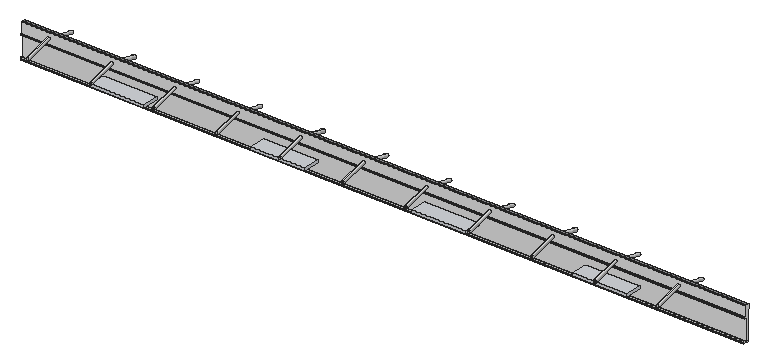
Revit family "Construction-Floors-Classic - Dowel 06NA40-5D", category Generic Models, Revit 2017
Family settings
  Can host rebar = No
  Round Connector Dimension = Use Diameter
  Part Type = Normal
  Cut with Voids When Loaded = Yes
  Shared = No
  Room Calculation Point = No
Parameters (values of type "Classic - Dowel 06NA40-5D H125")
  Youtube clip = ""
  Weight Net (Kg) = "0"
  Uniformat II Description = ""
  Uniformat II Code = ""
  Uniclass 2015 Name = "Roofs, floor and paving elements"
  Uniclass 2015 Code = "EF_30"
  Uniclass 2.0 Description = ""
  Uniclass 2.0 Code = ""
  Uniclass 1.4 Description = ""
  Uniclass 1.4 Code = ""
  UNSPSC Code = ""
  Technical description = "http://www.conecto-profiles.com/industrial-joints/classic/dowel-10na40-5d"
  Single Screw [instance] = and(([built-in parameter 1001306]) / 235.0 mm < 2, [built-in parameter 1001306] > 100.0 mm)  # no
  Screw number [instance] = if(([built-in parameter 1001306]) / 235.0 mm < 2, 2, ([built-in parameter 1001306]) / 235.0 mm)  # 11
  Screw Array [instance] = not(([built-in parameter 1001306]) / 235.0 mm < 2)  # yes
  Region South America = "None"
  Region Oceania = "None"
  Region North America = "None"
  Region Middle East = "None"
  Region Europe = "AD, AL, AT, AX, BA, BE, BG, BY, CH, CY, CZ, DE, DK, EE, ES, FI, FO, FR, GB, GG, GI, GR, HR, HU, IE, IM, IS, IT, JE, LI, LT, LU, LV, MC, MD, ME, MK, MT, NL, NO, PL, PT, RO, RS, RU, SE, SI, SJ, SK, SM, UA, VA"
  Region Asia = "None"
  Region Antarctica = "None"
  Region Africa = "None"
  QR code = "http://bimobject.com/conecto/product/06NA40"
  Profile = Aluminium - CONECTO - Grey
  Product url = "http://www.conecto-profiles.com/industrial-joints/classic/dowel-10na40-5d"
  Product group = "Aluminum profiles"
  Product family = "Expansion profiles"
  Product data url = "https://bimobject.com/conecto/product/06NA40"
  Product certification = ""
  Product SKU = "06NA40"
  Product Guid = "ebc674bc-a2ee-4945-82ac-de540a51ab01"
  Plastic Elements Single [instance] = and([built-in parameter 1001306] > 435.0 mm, [built-in parameter 1001306] / 600.0 mm < 2)  # no
  Plastic Elements Number [instance] = rounddown(if([built-in parameter 1001306] / 600.0 mm < 2, 2, [built-in parameter 1001306] / 600.0 mm))  # 4
  Plastic Elements Array [instance] = not([built-in parameter 1001306] / 600.0 mm < 2)  # yes
  OmniClass Description = "Profiles"
  OmniClass Code = "23-13 17 00"
  Nominal width = 20.0 mm
  Nominal height = 0.0 mm
  NBS Reference Description = ""
  NBS Reference Code = ""
  Material secondary = "Stainless steel"
  Material main = "Steel"
  Material = Aluminium - CONECTO - Grey
  Masterformat 2014 Description = ""
  Masterformat 2014 Code = ""
  Manufacturer name = "Conecto"
  Manufacturer country = "Poland"
  Length2 = 1000.0 mm
  built-in parameter 1001306 [instance] = 2700.0 mm
  Installation instructions = ""
  IFC Classification = "Building Element"
  GTIN code = ""
  Extrusion offset = 81.1 mm
  Edition number = 1
  Design country = "Poland"
  Date of publishing = ""
  COBIe Type Category = ""
  Brand url = "http://www.profiledylatacyjne.com.pl/"
  BIMobject main category code = "construction"
  BIMobject main category = "Construction"
  BIMobject category code = "construction-floors"
  BIMobject category = "Decks, Slabs & Floors"
Types (4, lengths in mm): name | Screw number | Plastic Elements Number | Length2 | built-in parameter 1001306 | Extrusion offset
  Classic - Dowel 06NA40-5D H125 | 11 | 4 | 1000.0 | 2700.0 | 81.1
  Classic - Dowel 06NA40-5D H155 | 5 | 2 | 1188.483 | 1219.2 | 111.3
  Classic - Dowel 06NA40-5D H175 | 5 | 2 | 1188.483 | 1219.2 | 131.1
  Classic - Dowel 06NA40-5D H200 | 5 | 2 | 1188.483 | 1219.2 | 156.1
Reference planes
  plane 1 "Center (Front/Back)": y = 0
  plane 2: z = 0
  plane 3 "Left": x = 0
  plane 4 "Right": x = 2700
  plane 5: z = -121.044
  plane 6: z = -209.748
  plane 7: z = -80.494
  plane 8: z = -24.944
  plane 9: z = -39.944
Forms (mm)
  Extrusion 1, solid, material "Aluminium - CONECTO - Grey" <- "Profile", not visible
    sketch origin (197.832, 266.916, -52.36) x (0, 1, 0) y (0, 0, 1)
      loop
        line (-262.941, -103.74) -> (-275.859, -103.74) -> (-275.859, -95.791) -> (-277.846, -95.791) -> (-277.846, -103.74) -> (-277.846, -105.727) -> (-264.929, -105.727) -> (-263.935, -105.528) -> (-263.14, -104.734) -> (-262.941, -103.74)
    from 0 to 1021.368
  Extrusion 2, solid, material "Aluminium - CONECTO - Grey" <- "Profile", not visible
    sketch origin (197.832, 266.916, -52.36) x (0, 1, 0) y (0, 0, 1)
      loop
        line (-262.941, -103.74) -> (-275.859, -103.74) -> (-275.859, -95.791) -> (-277.846, -95.791) -> (-277.846, -103.74) -> (-277.846, -105.727) -> (-264.929, -105.727) -> (-263.935, -105.528) -> (-263.14, -104.734) -> (-262.941, -103.74)
    from 0 to 1021.368
  Extrusion 3, solid, material "Aluminium - CONECTO - Grey" <- "Profile", not visible
    sketch origin (0, 264.929, -62.015) x (0, 1, 0) y (0, 0, 1)
      loop
        line (-262.941, -103.74) -> (-275.859, -103.74) -> (-275.859, -95.791) -> (-277.846, -95.791) -> (-277.846, -103.74) -> (-277.846, -105.727) -> (-264.929, -105.727) -> (-263.935, -105.528) -> (-263.14, -104.734) -> (-262.941, -103.74)
    from 0 to 1000
  Extrusion 4, solid, material "Aluminium - CONECTO - Grey" <- "Profile", not visible
    sketch origin (0, 264.929, -62.015) x (0, 1, 0) y (0, 0, 1)
      loop
        line (-262.941, -103.74) -> (-275.859, -103.74) -> (-275.859, -95.791) -> (-277.846, -95.791) -> (-277.846, -103.74) -> (-277.846, -105.727) -> (-264.929, -105.727) -> (-263.935, -105.528) -> (-263.14, -104.734) -> (-262.941, -103.74)
    from 0 to 1000
  Extrusion 5, solid, material "Aluminium - CONECTO - Grey" <- "Profile"
    sketch origin (188.483, 265.922, -61.278) x (0, 1, 0) y (0, 0, 1)
      loop
        line (-262.941, -59.766) -> (-275.859, -59.766) -> (-275.859, -51.817) -> (-277.846, -51.817) -> (-277.846, -59.766) -> (-277.846, -61.753) -> (-264.929, -61.753) -> (-263.935, -61.554) -> (-263.14, -60.76) -> (-262.941, -59.766)
    from -188.483 to 2511.517
  Extrusion 6, solid, material "Aluminium - CONECTO - Grey" <- "Profile"
    sketch origin (0, 265.922, -17.286) x (0, 1, 0) y (0, 0, 1)
      loop
        line (-258.967, 19.273) -> (-264.529, 19.273) -> (-264.529, -19.908) -> (-265.329, -19.908) -> (-265.329, 19.273) -> (-270.89, 19.273) -> (-270.89, -20.672) -> (-274.865, -20.672) -> (-274.865, -22.659) -> (-264.929, -22.659) -> (-264.929, -103.759) -> (-262.941, -103.759) -> (-262.941, -22.659) -> (-263.14, -21.665) -> (-263.935, -20.87) -> (-264.929, -20.672) -> (-258.967, -20.672) -> (-258.967, 19.273)
    from 0 to 2700
  Extrusion 7, void
    sketch origin (0, 0.994, 41.932) x (0, 1, 0) y (0, 0, 1)
      loop
        line (5.962, -39.944) -> (-5.962, -39.944) -> (-5.962, -162.976) -> (5.962, -162.976) -> (5.962, -39.944)
    from 0 to 2700
Lines and regions (mm)
  reference lines
    curve 1: line (0, 0, 0) -> (2700, 0, 0)
Dimensions and locks
  "built-in parameter 1001306": plane 3 "Left" to plane 4 "Right"
  equal spacing: group 8, group 9, group 14, group 15, group 16, group 17, group 18, group 19, group 20, group 21, group 22  (x3)
  nested 6 to nested 6 = 121.315 mm
  equal spacing: group 10, group 11, group 23, group 24  (x3)
  "Extrusion offset": plane 9 to plane 5
  locked: level to plane 8 at 24.944
  locked: plane 2 to plane 9 at 39.944
  equal spacing: plane 9, plane 7, plane 5
  aligned and locked: plane 4 "Right" to curve 1
  aligned and locked: plane 1 "Center (Front/Back)" to curve 1
  aligned and locked: plane 3 "Left" to curve 1
  aligned and locked: level to plane 2
  aligned and locked: Extrusion 5 to plane 3 "Left"
  aligned and locked: Extrusion 6 to plane 3 "Left"
  aligned and locked: plane 4 "Right" to Extrusion 7
  aligned and locked: plane 4 "Right" to Extrusion 6
  aligned and locked: plane 4 "Right" to Extrusion 5
  aligned and locked: plane 5 to Extrusion 7  (x2)
  aligned and locked: Extrusion 7 to Extrusion 6
  aligned and locked: Extrusion 6 to plane 4 "Right"
  aligned and locked: plane 7 to nested 6
  aligned and locked: plane 7 to nested 7
  aligned and locked: nested 10 to plane 8
  aligned and locked: nested 4 to plane 8
  aligned and locked: nested 5 to plane 8
Automatic sketch dimensions
  Extrusion 1 sketch curve to Extrusion 1 sketch curve = 1.987 mm  (x2)
  Extrusion 1 sketch curve to Extrusion 1 sketch curve = 0.994 mm
  Extrusion 1 sketch curve to Extrusion 1 sketch curve = 0.795 mm  (x2)
  Extrusion 1 sketch curve to Extrusion 1 sketch curve = 0.199 mm  (x2)
  Extrusion 1 sketch curve to Extrusion 1 sketch curve = 0.0 mm
  Extrusion 1 sketch curve to Extrusion 1 sketch curve = 7.949 mm
  Extrusion 1 sketch curve to Extrusion 1 sketch curve = 10.93 mm
  Extrusion 2 sketch curve to Extrusion 2 sketch curve = 1.987 mm  (x2)
  Extrusion 2 sketch curve to Extrusion 2 sketch curve = 0.994 mm
  Extrusion 2 sketch curve to Extrusion 2 sketch curve = 0.795 mm  (x2)
  Extrusion 2 sketch curve to Extrusion 2 sketch curve = 0.199 mm  (x2)
  Extrusion 2 sketch curve to Extrusion 2 sketch curve = 0.0 mm
  Extrusion 2 sketch curve to Extrusion 2 sketch curve = 7.949 mm
  Extrusion 2 sketch curve to Extrusion 2 sketch curve = 10.93 mm
  Extrusion 3 sketch curve to Extrusion 3 sketch curve = 1.987 mm  (x2)
  Extrusion 3 sketch curve to Extrusion 3 sketch curve = 0.795 mm  (x2)
  Extrusion 3 sketch curve to Extrusion 3 sketch curve = 7.949 mm
  Extrusion 3 sketch curve to Extrusion 3 sketch curve = 0.0 mm
  Extrusion 3 sketch curve to Extrusion 3 sketch curve = 0.994 mm  (x2)
  Extrusion 3 sketch curve to Extrusion 3 sketch curve = 0.199 mm
  Extrusion 3 sketch curve to Extrusion 3 sketch curve = 10.93 mm
  Extrusion 4 sketch curve to Extrusion 4 sketch curve = 1.987 mm  (x2)
  Extrusion 4 sketch curve to Extrusion 4 sketch curve = 0.795 mm  (x2)
  Extrusion 4 sketch curve to Extrusion 4 sketch curve = 7.949 mm
  Extrusion 4 sketch curve to Extrusion 4 sketch curve = 0.0 mm
  Extrusion 4 sketch curve to Extrusion 4 sketch curve = 0.994 mm  (x2)
  Extrusion 4 sketch curve to Extrusion 4 sketch curve = 0.199 mm
  Extrusion 4 sketch curve to Extrusion 4 sketch curve = 10.93 mm
  Extrusion 5 sketch curve to plane 5 = 0.0 mm  (x2)
  plane 1 "Center (Front/Back)" to Extrusion 5 sketch curve = 11.924 mm
  Extrusion 5 sketch curve to Extrusion 5 sketch curve = 1.987 mm
  Extrusion 5 sketch curve to plane 1 "Center (Front/Back)" = 0.994 mm
  Extrusion 5 sketch curve to Extrusion 5 sketch curve = 0.994 mm
  plane 5 to Extrusion 5 sketch curve = 0.994 mm
  Extrusion 5 sketch curve to Extrusion 5 sketch curve = 0.795 mm  (x2)
  Extrusion 5 sketch curve to Extrusion 5 sketch curve = 0.199 mm  (x2)
  Extrusion 5 sketch curve to plane 5 = 7.949 mm
  plane 1 "Center (Front/Back)" to Extrusion 7 sketch curve = 4.968 mm
  Extrusion 7 sketch curve to plane 1 "Center (Front/Back)" = 6.955 mm
  plane 5 to Extrusion 7 sketch curve = 0.0 mm
  level to Extrusion 7 sketch curve = 1.987 mm
  Extrusion 6 sketch curve to level = 39.944 mm  (x2)
  plane 5 to Extrusion 6 sketch curve = 0.0 mm
  Extrusion 6 sketch curve to level = 37.957 mm  (x2)
  plane 1 "Center (Front/Back)" to Extrusion 6 sketch curve = 8.943 mm
  Extrusion 6 sketch curve to Extrusion 6 sketch curve = 3.975 mm
  Extrusion 6 sketch curve to plane 1 "Center (Front/Back)" = 0.594 mm
  Extrusion 6 sketch curve to Extrusion 6 sketch curve = 0.4 mm
  Extrusion 6 sketch curve to plane 1 "Center (Front/Back)" = 0.994 mm
  Extrusion 6 sketch curve to Extrusion 6 sketch curve = 0.8 mm
  Extrusion 6 sketch curve to Extrusion 6 sketch curve = 0.994 mm
  Extrusion 6 sketch curve to level = 38.951 mm
  Extrusion 6 sketch curve to Extrusion 6 sketch curve = 0.795 mm
  Extrusion 6 sketch curve to Extrusion 6 sketch curve = 0.199 mm  (x2)
  Extrusion 6 sketch curve to Extrusion 6 sketch curve = 4.173 mm
  Extrusion 6 sketch curve to Extrusion 6 sketch curve = 0.764 mm
  Extrusion 6 sketch curve to Extrusion 6 sketch curve = 39.181 mm
  Extrusion 6 sketch curve to Extrusion 6 sketch curve = 0.0 mm
Nested families
  nested 1: "Scraw" at (1195.317, 1087.956, 51), visible <- "Screw Array", type "Family3", not visible
    with Screw 2
  nested 2: "Plastic" at (300, 435.185, 382.057), visible <- "Plastic Elements Array", type "Family5", not visible
  nested 3: "Scraw" at (100, 435.185, 433.057), visible <- "Screw Array", type "Family3", not visible
    with Screw 2
  nested 4: "Scraw" at (100, 0.994, 15.885), visible <- "Screw Array", type "Family3"
    with Screw 2
  nested 5: "Scraw" at (335, 0.994, 15.885), visible <- "Screw Array", type "Family3"
    with Screw 2
  nested 6: "Plastic" at (300, 0.994, -48.989), visible <- "Plastic Elements Array", type "Family5"
  nested 7: "Plastic" at (900, 0.994, -48.989), visible <- "Plastic Elements Array", type "Family5"
  nested 8: "Plastic" at (1623.485, 982.73, 0), visible <- "Plastic Elements Array", type "Family5", not visible
  nested 9: "Scraw" at (1423.485, 982.73, 51), visible <- "Screw Array", type "Family3", not visible
    with Screw 2
  nested 10: "Scraw" at (100.234, 0.994, 15.885), visible <- "Single Screw", type "Family3"
    with Screw 2
  nested 11: "Scraw" at (570, 0.994, 15.885), visible <- "Screw Array", type "Family3"
    with Screw 2
  nested 12: "Scraw" at (805, 0.994, 15.885), visible <- "Screw Array", type "Family3"
    with Screw 2
  nested 13: "Scraw" at (1040, 0.994, 15.885), visible <- "Screw Array", type "Family3"
    with Screw 2
  nested 14: "Scraw" at (1275, 0.994, 15.885), visible <- "Screw Array", type "Family3"
    with Screw 2
  nested 15: "Scraw" at (1510, 0.994, 15.885), visible <- "Screw Array", type "Family3"
    with Screw 2
  nested 16: "Scraw" at (1745, 0.994, 15.885), visible <- "Screw Array", type "Family3"
    with Screw 2
  nested 17: "Scraw" at (1980, 0.994, 15.885), visible <- "Screw Array", type "Family3"
    with Screw 2
  nested 18: "Scraw" at (2215, 0.994, 15.885), visible <- "Screw Array", type "Family3"
    with Screw 2
  nested 19: "Scraw" at (2450, 0.994, 15.885), visible <- "Screw Array", type "Family3"
    with Screw 2
  nested 20: "Plastic" at (1500, 0.994, -48.989), visible <- "Plastic Elements Array", type "Family5"
  nested 21: "Plastic" at (2100, 0.994, -48.989), visible <- "Plastic Elements Array", type "Family5"
Definition of nested family "Scraw"
  Parameters (values of type "Family3")
    Screw [instance] = 2
    Profile = none
    Plastic = none
  Reference planes
    plane 1 "Center (Front/Back)": y = 0
    plane 2: z = 0
    plane 3 "Center (Left/Right)": x = 0
  Forms (mm)
    Sweep 1, solid, material <- "Profile"
      path origin (0, 0, 0) x (0, 1, 0) y (0, 0, 1)
        loop
          line (-6, -36) -> (-102.593, -61.882)
      profile "Profile : Family3" origin (0, -54.296, -48.941) x (0, 0.258819, -0.965926) y (1, 0, 0)
        loop
          circle (0, 0) r 5
    Sweep 2, solid, material <- "Profile"
      path origin (0, 0, 0) x (0, -1, 0) y (0, 0, 1)
        loop
          line (-6, -36) -> (-102.593, -61.882)
      profile "Profile : Family3" origin (0, 54.296, -48.941) x (0, 0.258819, 0.965926) y (1, 0, 0)
        loop
          circle (0, 0) r 5
  Lines and regions (mm)
    reference lines
      curve 1: line (0, 4.706, -40.83) -> (0, -4.706, -40.83)
  Dimensions and locks
    aligned and locked: level to plane 2
Definition of nested family "Plastic"
  Parameters (values of type "Family5")
    Plastic Parts = none
  Reference planes
    plane 1 "Center (Front/Back)": y = 0
    plane 2: z = 0
    plane 3 "Center (Left/Right)": x = 0
    plane 4: x = 200
    plane 5: z = -31.506
  Forms (mm)
    Extrusion 1, solid, material <- "Plastic Parts"
      sketch origin (0, 0, 0) x (0, 1, 0) y (0, 0, 1)
        loop
          line (60, -26.387) -> (-61.315, -26.387) -> (-61.315, -36.624) -> (60, -36.624) -> (60, -26.387)
      from 0 to 200
  Dimensions and locks
    plane 3 "Center (Left/Right)" to plane 4 = 200.0 mm
    aligned and locked: level to plane 2
